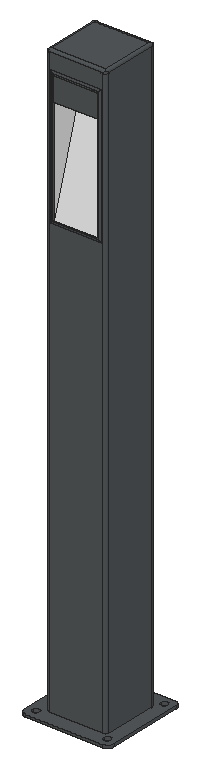
Revit family "svetilnik_alfresco_ar deko_dtu19", category Lighting Fixtures, Revit 2016 (continued)
Definition of nested family "Источник света Ар_Деко"
  Types (5, lengths in mm): name | Photometric Web File | built-in parameter 1150142
       0.0       0.0       0.3       0.2       0.2       0.1       0.1       0.1\r\n       0.2       0.3       0.3       0.2       0.2       0.2       0.9      18.6\r\n      64.3     124.3     163.7     200.8     230.4     264.2     300.1     344.6\r\n     398.3     457.3     476.3     480.9     480.4     479.9     480.4     480.0\r\n     476.7     473.6     471.9     468.2     468.4     467.0     463.8     462.0\r\n     462.5     459.5     455.3     452.7     446.4     443.4     441.4     438.4\r\n     433.6     429.2     429.6     424.7     415.7     409.0     404.3     399.5\r\n     392.6     385.3     377.4     362.8     340.2     311.1     282.3     265.5\r\n     251.1     233.7     220.5     209.4     194.9     179.6     165.0     155.1\r\n     139.2     124.2     116.9     104.3      88.7      75.3      57.4      49.3\r\n      36.6      23.3       7.2       1.0       0.2       0.2       0.2       0.2\r\n       0.2       0.2       0.2       0.2       0.2       0.2       0.2       0.2\r\n       0.2       0.2       0.2       0.2       0.2       0.2       0.2       0.2\r\n       0.2       0.2       0.2       0.2       0.2       0.2       0.2       0.2\r\n       0.2       0.2       0.2       0.2       0.2       0.2       0.2       0.2\r\n       0.2       0.2       0.2       0.2       0.2       0.2       0.2       0.2\r\n       0.2       0.2       0.2       0.2       0.2       0.2       0.2       0.2\r\n       0.2       0.2       0.2       0.2       0.2       0.2       0.2       0.2\r\n       0.2       0.2       0.2       0.2       0.2       0.2       0.2       0.2\r\n       0.2       0.2       0.2       0.2       0.2       0.2       0.2       0.2\r\n       0.2       0.2       0.2       0.2       0.2       0.2       0.2       0.2\r\n       0.2       0.2       0.2       0.2       0.1       0.1       0.1       0.1\r\n       0.1       0.1       0.0       0.0       0.0\r\n       0.0       0.0       0.3       0.2       0.2       0.1       0.1       0.1\r\n       0.2       0.3       0.3       0.2       0.2       0.2       0.3       5.4\r\n      33.1      93.3     140.0     176.2     209.2     234.4     260.1     292.9\r\n     329.4     376.3     418.5     437.1     441.8     440.5     437.0     436.4\r\n     441.4     439.0     435.4     434.5     430.6     432.0     430.7     426.2\r\n     422.5     418.1     415.6     412.6     411.2     408.5     404.8     404.8\r\n     401.0     395.1     388.3     381.7     380.5     374.6     367.3     361.6\r\n     357.3     350.0     344.4     336.3     321.7     300.2     271.0     246.0\r\n     228.8     213.1     195.7     179.8     171.8     156.6     144.2     134.2\r\n     124.3     110.5      98.4      88.7      73.7      62.3      51.2      43.1\r\n      33.0      20.4       9.4       1.3       0.2       0.2       0.2       0.2\r\n       0.2       0.2       0.2       0.2       0.2       0.2       0.2       0.2\r\n       0.2       0.2       0.2       0.2       0.2       0.2       0.2       0.2\r\n       0.2       0.2       0.2       0.2       0.2       0.2       0.2       0.2\r\n       0.2       0.2       0.2       0.2       0.2       0.2       0.2       0.2\r\n       0.2       0.2       0.2       0.2       0.2       0.2       0.2       0.2\r\n       0.2       0.2       0.2       0.2       0.2       0.2       0.2       0.2\r\n       0.2       0.2       0.2       0.2       0.2       0.2       0.2       0.2\r\n       0.2       0.2       0.2       0.2       0.2       0.2       0.2       0.2\r\n       0.2       0.2       0.2       0.2       0.2       0.2       0.2       0.2\r\n       0.2       0.2       0.2       0.2       0.2       0.2       0.2       0.2\r\n       0.2       0.2       0.2       0.2       0.1       0.1       0.1       0.1\r\n       0.1       0.1       0.0       0.0       0.0\r\n       0.0       0.0       0.3       0.1       0.2       0.1       0.1       0.1\r\n       0.2       0.3       0.3       0.2       0.2       0.2       0.2       1.3\r\n      12.0      53.9     107.3     150.6     180.5     203.1     224.9     248.8\r\n     275.1     306.4     340.6     381.8     390.2     392.9     394.5     395.5\r\n     393.8     393.6     394.3     394.4     393.4     392.3     391.2     387.8\r\n     388.4     385.5     383.4     381.0     374.7     371.7     367.0     359.5\r\n     357.2     354.1     348.3     344.5     340.7     337.6     332.3     324.6\r\n     316.3     311.1     305.4     298.2     292.2     279.6     256.2     229.9\r\n     206.2     190.8     177.5     160.0     147.7     139.1     124.7     111.5\r\n     103.3      92.9      82.5      75.1      67.1      55.7      44.8      35.5\r\n      29.8      19.2       8.9       1.0       0.2       0.2       0.2       0.2\r\n       0.2       0.2       0.2       0.2       0.2       0.2       0.2       0.2\r\n       0.2       0.2       0.2       0.2       0.2       0.2       0.2       0.2\r\n       0.2       0.2       0.2       0.2       0.2       0.2       0.2       0.2\r\n       0.2       0.2       0.2       0.2       0.2       0.2       0.2       0.2\r\n       0.2       0.2       0.2       0.2       0.2       0.2       0.2       0.2\r\n       0.2       0.2       0.2       0.2       0.2       0.2       0.2       0.2\r\n       0.2       0.2       0.2       0.2       0.2       0.2       0.2       0.2\r\n       0.2       0.2       0.2       0.2       0.2       0.2       0.2       0.2\r\n       0.2       0.2       0.2       0.2       0.2       0.2       0.2       0.2\r\n       0.2       0.2       0.2       0.2       0.2       0.2       0.2       0.2\r\n       0.2       0.2       0.2       0.2       0.1       0.1       0.1       0.1\r\n       0.1       0.1       0.0       0.0       0.0\r\n       0.0       0.0       0.2       0.1       0.2       0.1       0.1       0.1\r\n       0.2       0.3       0.3       0.2       0.2       0.2       0.2       0.4\r\n       2.7      21.8      61.9     119.1     150.9     174.8     199.0     218.7\r\n     241.6     271.2     298.0     327.0     345.1     357.2     361.2     359.9\r\n     356.8     359.4     360.9     359.2     356.4     356.5     352.2     352.7\r\n     351.6     346.7     345.3     343.2     341.4     336.0     331.6     330.5\r\n     326.7     323.6     319.4     314.3     310.3     305.0     300.7     295.0\r\n     291.4     286.2     281.7     277.5     270.7     263.2     252.3     230.9\r\n     203.4     178.5     162.6     150.4     135.9     125.5     116.1     103.9\r\n      92.8      86.4      75.7      66.0      60.1      50.5      41.5      31.8\r\n      25.5      17.4       7.2       0.5       0.2       0.2       0.2       0.2\r\n       0.2       0.2       0.2       0.2       0.2       0.2       0.2       0.2\r\n       0.2       0.2       0.2       0.2       0.2       0.2       0.2       0.2\r\n       0.2       0.2       0.2       0.2       0.2       0.2       0.2       0.2\r\n       0.2       0.2       0.2       0.2       0.2       0.2       0.2       0.2\r\n       0.2       0.2       0.2       0.2       0.2       0.2       0.2       0.2\r\n       0.2       0.2       0.2       0.2       0.2       0.2       0.2       0.2\r\n       0.2       0.2       0.2       0.2       0.2       0.2       0.2       0.2\r\n       0.2       0.2       0.2       0.2       0.2       0.2       0.2       0.2\r\n       0.2       0.2       0.2       0.2       0.2       0.2       0.2       0.2\r\n       0.2       0.2       0.2       0.2       0.2       0.2       0.2       0.2\r\n       0.2       0.2       0.2       0.2       0.1       0.1       0.1       0.1\r\n       0.1       0.1       0.0       0.0       0.0\r\n       0.0       0.0       0.2       0.1       0.2       0.1       0.1       0.1\r\n       0.2       0.3       0.3       0.2       0.2       0.2       0.2       0.3\r\n       0.5       6.2      24.7      71.4     113.4     143.0     167.0     188.5\r\n     207.8     232.7     253.2     275.6     290.2     320.6     327.5     326.3\r\n     325.1     322.7     323.3     324.1     323.8     323.4     322.2     318.9\r\n     316.5     317.5     312.1     311.0     309.5     304.9     302.4     299.0\r\n     296.6     293.9     290.8     287.1     282.3     276.4     271.9     269.6\r\n     263.5     258.6     253.0     246.6     240.9     234.2     227.4     217.1\r\n     201.3     176.6     153.0     136.8     125.6     114.7     105.7      97.7\r\n      86.7      77.5      71.8      61.8      52.9      46.9      37.6      28.6\r\n      20.8      15.3       7.9       1.4       0.4       0.2       0.2       0.2\r\n       0.2       0.2       0.2       0.2       0.2       0.2       0.2       0.2\r\n       0.2       0.2       0.2       0.2       0.2       0.2       0.2       0.2\r\n       0.2       0.2       0.2       0.2       0.2       0.2       0.2       0.2\r\n       0.2       0.2       0.2       0.2       0.2       0.2       0.2       0.2\r\n       0.2       0.2       0.2       0.2       0.2       0.2       0.2       0.2\r\n       0.2       0.2       0.2       0.2       0.2       0.2       0.2       0.2\r\n       0.2       0.2       0.2       0.2       0.2       0.2       0.2       0.2\r\n       0.2       0.2       0.2       0.2       0.2       0.2       0.2       0.2\r\n       0.2       0.2       0.2       0.2       0.2       0.2       0.2       0.2\r\n       0.2       0.2       0.2       0.2       0.2       0.2       0.2       0.2\r\n       0.2       0.2       0.2       0.2       0.1       0.1       0.1       0.1\r\n       0.1       0.1       0.0       0.0       0.0\r\n       0.0       0.0       0.2       0.1       0.2       0.1       0.1       0.1\r\n       0.2       0.3       0.3       0.2       0.2       0.2       0.2       0.2\r\n       0.2       1.3       6.2      26.9      64.2      98.8     124.6     146.8\r\n     170.4     192.0     209.9     231.7     246.4     259.3     281.1     297.6\r\n     302.1     301.5     298.3     295.5     294.6     292.8     290.9     290.0\r\n     287.7     283.3     279.6     276.1     276.7     275.4     271.3     269.6\r\n     264.1     261.3     259.9     255.9     252.6     249.4     244.6     240.2\r\n     235.0     230.4     225.5     221.3     216.0     210.4     205.2     199.0\r\n     191.3     175.7     154.8     131.1     115.9     104.6      94.9      86.8\r\n      79.3      69.7      62.4      55.3      46.8      40.2      33.5      24.4\r\n      17.7      14.5       8.8       2.3       0.3       0.2       0.2       0.2\r\n       0.2       0.2       0.2       0.2       0.2       0.2       0.2       0.2\r\n       0.2       0.2       0.2       0.2       0.2       0.2       0.2       0.2\r\n       0.2       0.2       0.2       0.2       0.2       0.2       0.2       0.2\r\n       0.2       0.2       0.2       0.2       0.2       0.2       0.2       0.2\r\n       0.2       0.2       0.2       0.2       0.2       0.2       0.2       0.2\r\n       0.2       0.2       0.2       0.2       0.2       0.2       0.2       0.2\r\n       0.2       0.2       0.2       0.2       0.2       0.2       0.2       0.2\r\n       0.2       0.2       0.2       0.2       0.2       0.2       0.2       0.2\r\n       0.2       0.2       0.2       0.2       0.2       0.2       0.2       0.2\r\n       0.2       0.2       0.2       0.2       0.2       0.2       0.2       0.2\r\n       0.2       0.2       0.2       0.2       0.1       0.1       0.1       0.1\r\n       0.1       0.1       0.0       0.0       0.0\r\n       0.0       0.0       0.2       0.1       0.2       0.1       0.1       0.1\r\n       0.2       0.3       0.3       0.2       0.2       0.2       0.2       0.2\r\n       0.2       0.3       0.9       6.2      25.3      53.4      78.7     101.5\r\n     120.8     139.0     154.0     166.3     184.3     202.3     219.1     242.6\r\n     265.5     266.8     266.7     267.6     265.1     260.7     259.5     257.2\r\n     252.9     251.9     249.1     245.6     241.0     240.2     237.0     234.2\r\n     230.4     225.9     223.1     220.8     216.6     215.2     210.2     208.4\r\n     205.5     200.8     197.1     192.1     187.8     183.4     179.6     174.4\r\n     169.8     164.0     153.8     138.1     118.9     104.0      93.9      83.3\r\n      74.7      67.5      58.4      51.9      44.6      37.6      31.8      26.1\r\n      20.1      15.2      10.8       5.7       1.1       0.2       0.2       0.2\r\n       0.2       0.2       0.2       0.2       0.2       0.2       0.2       0.2\r\n       0.2       0.2       0.2       0.2       0.2       0.2       0.2       0.2\r\n       0.2       0.2       0.2       0.2       0.2       0.2       0.2       0.2\r\n       0.2       0.2       0.2       0.2       0.2       0.2       0.2       0.2\r\n       0.2       0.2       0.2       0.2       0.2       0.2       0.2       0.2\r\n       0.2       0.2       0.2       0.2       0.2       0.2       0.2       0.2\r\n       0.2       0.2       0.2       0.2       0.2       0.2       0.2       0.2\r\n       0.2       0.2       0.2       0.2       0.2       0.2       0.2       0.2\r\n       0.2       0.2       0.2       0.2       0.2       0.2       0.2       0.2\r\n       0.2       0.2       0.2       0.2       0.2       0.2       0.2       0.2\r\n       0.2       0.2       0.2       0.2       0.1       0.1       0.1       0.1\r\n       0.1       0.1       0.0       0.0       0.0\r\n       0.0       0.0       0.2       0.1       0.2       0.1       0.1       0.1\r\n       0.2       0.3       0.3       0.2       0.2       0.2       0.2       0.2\r\n       0.2       0.2       0.3       1.0       5.7      15.4      33.4      55.7\r\n      76.1      91.4     101.3     110.0     123.4     134.0     147.0     167.2\r\n     182.8     210.0     224.3     230.4     232.1     230.1     226.7     223.2\r\n     222.4     220.5     218.8     215.4     212.3     208.9     205.1     200.5\r\n     198.6     196.2     191.3     188.5     185.6     181.3     178.8     173.3\r\n     168.5     165.9     162.4     157.7     154.8     152.3     147.2     143.0\r\n     138.7     133.4     127.8     119.8     107.4      94.1      82.9      75.2\r\n      66.0      59.5      53.5      45.8      41.6      34.8      30.1      24.8\r\n      19.5      14.1      10.1       5.6       1.6       0.2       0.2       0.2\r\n       0.2       0.2       0.2       0.2       0.2       0.2       0.2       0.2\r\n       0.2       0.2       0.2       0.2       0.2       0.2       0.2       0.2\r\n       0.2       0.2       0.2       0.2       0.2       0.2       0.2       0.2\r\n       0.2       0.2       0.2       0.2       0.2       0.2       0.2       0.2\r\n       0.2       0.2       0.2       0.2       0.2       0.2       0.2       0.2\r\n       0.2       0.2       0.2       0.2       0.2       0.2       0.2       0.2\r\n       0.2       0.2       0.2       0.2       0.2       0.2       0.2       0.2\r\n       0.2       0.2       0.2       0.2       0.2       0.2       0.2       0.2\r\n       0.2       0.2       0.2       0.2       0.2       0.2       0.2       0.2\r\n       0.2       0.2       0.2       0.2       0.2       0.2       0.2       0.2\r\n       0.2       0.1       0.2       0.2       0.1       0.1       0.1       0.1\r\n       0.1       0.1       0.0       0.0       0.0\r\n       0.0       0.0       0.2       0.1       0.1       0.1       0.1       0.1\r\n       0.2       0.3       0.2       0.2       0.2       0.2       0.2       0.2\r\n       0.2       0.2       0.2       0.3       0.7       1.9       8.6      20.7\r\n      38.2      53.6      69.1      78.4      89.4      99.3     108.2     124.7\r\n     139.2     150.6     170.2     187.4     196.5     201.1     201.3     202.0\r\n     198.9     196.5     193.8     190.7     189.6     186.4     184.1     182.6\r\n     179.8     175.9     173.3     170.4     166.8     164.8     162.5     159.8\r\n     157.0     152.6     148.6     145.2     140.9     137.2     133.5     129.4\r\n     125.3     120.6     115.8     111.9     107.1      97.6      86.5      75.2\r\n      67.2      60.0      53.7      48.2      41.8      36.3      31.4      25.8\r\n      21.4      16.1      11.7       8.2       3.2       0.6       0.2       0.2\r\n       0.2       0.2       0.2       0.2       0.2       0.2       0.2       0.2\r\n       0.2       0.2       0.2       0.2       0.2       0.2       0.2       0.2\r\n       0.2       0.2       0.2       0.2       0.2       0.2       0.2       0.2\r\n       0.2
             0.2       0.2       0.2       0.2       0.2       0.2       0.2\r\n       0.2       0.2       0.2       0.2       0.2       0.2       0.2       0.2\r\n       0.2       0.2       0.2       0.2       0.2       0.2       0.2       0.2\r\n       0.2       0.2       0.2       0.2       0.2       0.2       0.2       0.2\r\n       0.2       0.2       0.2       0.2       0.2       0.2       0.2       0.2\r\n       0.2       0.2       0.2       0.2       0.2       0.2       0.2       0.2\r\n       0.2       0.2       0.2       0.2       0.2       0.2       0.2       0.2\r\n       0.2       0.1       0.1       0.2       0.1       0.1       0.1       0.1\r\n       0.1       0.1       0.0       0.0       0.0\r\n       0.0       0.0       0.2       0.1       0.1       0.1       0.1       0.1\r\n       0.2       0.3       0.2       0.2       0.2       0.2       0.2       0.2\r\n       0.2       0.2       0.2       0.2       0.2       0.3       1.3       3.6\r\n      10.0      17.1      40.0      56.4      68.6      79.0      87.5      97.4\r\n     107.3     118.9     132.1     141.1     157.2     173.8     181.2     191.7\r\n     190.9     190.7     187.8     187.4     184.6     182.9     180.9     176.5\r\n     173.2     170.9     168.8     166.4     163.0     160.2     156.6     153.7\r\n     149.8     145.1     141.7     138.6     135.2     131.5     127.0     123.0\r\n     118.3     114.2     109.5     105.5     101.3      96.5      89.5      79.0\r\n      67.9      58.9      52.7      46.2      40.9      34.4      29.9      23.7\r\n      20.6      15.8      11.1       7.6       3.5       0.5       0.2       0.2\r\n       0.2       0.2       0.2       0.2       0.2       0.2       0.2       0.2\r\n       0.2       0.2       0.2       0.2       0.2       0.2       0.2       0.2\r\n       0.2       0.2       0.2       0.2       0.2       0.2       0.2       0.2\r\n       0.2       0.2       0.2       0.2       0.2       0.2       0.2       0.2\r\n       0.2       0.2       0.2       0.2       0.2       0.2       0.2       0.2\r\n       0.2       0.2       0.2       0.2       0.2       0.2       0.2       0.2\r\n       0.2       0.2       0.2       0.2       0.2       0.2       0.2       0.2\r\n       0.2       0.2       0.2       0.2       0.2       0.2       0.2       0.2\r\n       0.2       0.2       0.2       0.2       0.2       0.2       0.2       0.2\r\n       0.2       0.2       0.2       0.2       0.2       0.2       0.2       0.2\r\n       0.2       0.1       0.1       0.2       0.1       0.1       0.1       0.1\r\n       0.1       0.1       0.0       0.0       0.0\r\n       0.0       0.0       0.2       0.1       0.1       0.1       0.1       0.1\r\n       0.2       0.3       0.2       0.2       0.2       0.2       0.2       0.2\r\n       0.2       0.2       0.2       0.2       0.2       0.2       0.3       0.3\r\n       1.2       3.5      10.6      18.6      38.5      49.6      59.8      69.8\r\n      81.6      92.1     100.2     110.6     122.2     135.2     152.3     162.8\r\n     169.4     176.4     182.5     181.1     180.5     177.5     174.8     173.6\r\n     170.0     166.8     162.3     157.9     154.0     150.7     148.2     144.8\r\n     140.2     135.8     132.5     129.1     125.9     122.0     117.4     113.3\r\n     109.1     104.7     100.7      96.8      92.7      88.3      83.3      78.3\r\n      71.0      61.1      51.7      44.9      38.4      33.5      27.6      24.0\r\n      19.0      15.7      11.3       7.5       4.7       1.7       0.4       0.2\r\n       0.2       0.2       0.2       0.2       0.2       0.2       0.2       0.2\r\n       0.2       0.2       0.2       0.2       0.2       0.2       0.2       0.2\r\n       0.2       0.2       0.2       0.2       0.2       0.2       0.2       0.2\r\n       0.2       0.2       0.2       0.2       0.2       0.2       0.2       0.2\r\n       0.2       0.2       0.2       0.2       0.2       0.2       0.2       0.2\r\n       0.2       0.2       0.2       0.2       0.2       0.2       0.2       0.2\r\n       0.2       0.2       0.2       0.2       0.2       0.2       0.2       0.2\r\n       0.2       0.2       0.2       0.2       0.2       0.2       0.2       0.2\r\n       0.2       0.2       0.2       0.2       0.2       0.2       0.2       0.2\r\n       0.2       0.2       0.2       0.2       0.2       0.2       0.2       0.2\r\n       0.2       0.1       0.1       0.2       0.1       0.1       0.1       0.1\r\n       0.1       0.1       0.0       0.0       0.0\r\n       0.0       0.0       0.2       0.1       0.1       0.1       0.1       0.1\r\n       0.2       0.3       0.2       0.2       0.2       0.2       0.2       0.2\r\n       0.2       0.2       0.2       0.2       0.2       0.2       0.2       0.2\r\n       0.2       0.6       1.2       2.3       6.1      21.1      31.6      40.6\r\n      54.9      66.2      76.5      82.7      90.2      99.3     108.0     114.3\r\n     116.9     126.4     129.4     127.7     125.0     123.2     119.6     117.0\r\n     115.0     113.8     111.1     110.3     111.3     111.6     110.2     108.3\r\n     106.7     105.5     103.0     100.2      97.3      94.0      91.5      88.4\r\n      85.1      81.9      78.8      75.6      71.8      68.2      64.4      60.2\r\n      56.2      50.2      42.6      34.2      27.7      23.3      19.6      15.3\r\n      12.3       9.0       6.6       3.9       2.2       0.6       0.2       0.2\r\n       0.2       0.2       0.2       0.2       0.2       0.2       0.2       0.2\r\n       0.2       0.2       0.2       0.2       0.2       0.2       0.2       0.2\r\n       0.2       0.2       0.2       0.2       0.2       0.2       0.2       0.2\r\n       0.2       0.2       0.2       0.2       0.2       0.2       0.2       0.2\r\n       0.2       0.2       0.2       0.2       0.2       0.2       0.2       0.2\r\n       0.2       0.2       0.2       0.2       0.2       0.2       0.2       0.2\r\n       0.2       0.2       0.2       0.2       0.2       0.2       0.2       0.2\r\n       0.2       0.2       0.2       0.2       0.2       0.2       0.2       0.2\r\n       0.2       0.2       0.2       0.2       0.2       0.2       0.2       0.2\r\n       0.2       0.2       0.2       0.2       0.2       0.2       0.2       0.2\r\n       0.2       0.1       0.1       0.2       0.1       0.1       0.1       0.1\r\n       0.1       0.1       0.0       0.0       0.0\r\n       0.0       0.0       0.2       0.1       0.1       0.1       0.1       0.1\r\n       0.2       0.3       0.2       0.2       0.2       0.2       0.2       0.2\r\n       0.2       0.2       0.2       0.2       0.2       0.2       0.2       0.2\r\n       0.2       0.2       0.2       0.2       0.4       2.5       3.7      10.9\r\n      18.7      24.8      39.3      54.0      61.9      70.8      74.3      78.5\r\n      82.3      87.6      89.2      88.3      87.5      84.5      82.3      80.1\r\n      77.8      76.9      75.9      74.6      72.8      71.9      70.8      68.9\r\n      66.6      65.0      63.5      62.7      61.3      59.3      57.7      55.9\r\n      54.1      52.6      50.3      47.7      45.3      43.3      41.0      38.1\r\n      35.3      32.8      30.2      26.3      20.0      14.6      10.6       7.4\r\n       5.3       3.4       2.0       1.2       0.4       0.2       0.2       0.2\r\n       0.2       0.2       0.2       0.2       0.2       0.2       0.2       0.2\r\n       0.2       0.2       0.2       0.2       0.2       0.2       0.2       0.2\r\n       0.2       0.2       0.2       0.2       0.2       0.2       0.2       0.2\r\n       0.2       0.2       0.2       0.2       0.2       0.2       0.2       0.2\r\n       0.2       0.2       0.2       0.2       0.2       0.2       0.2       0.2\r\n       0.2       0.2       0.2       0.2       0.2       0.2       0.2       0.2\r\n       0.2       0.2       0.2       0.2       0.2       0.2       0.2       0.2\r\n       0.2       0.2       0.2       0.2       0.2       0.2       0.2       0.2\r\n       0.2       0.2       0.2       0.2       0.2       0.2       0.2       0.2\r\n       0.3       0.3       0.2       0.2       0.2       0.2       0.2       0.2\r\n       0.2       0.1       0.1       0.2       0.1       0.1       0.1       0.1\r\n       0.1       0.1       0.0       0.0       0.0\r\n       0.0       0.0       0.2       0.1       0.1       0.1       0.1       0.1\r\n       0.2       0.3       0.2       0.2       0.2       0.2       0.2       0.2\r\n       0.2       0.2       0.2       0.2       0.2       0.2       0.2       0.2\r\n       0.2       0.2       0.2       0.2       0.2       0.2       0.2       1.0\r\n       1.7       5.4      10.8      10.5      17.5      38.3      42.5      44.2\r\n      46.3      48.2      49.8      48.8      45.9      44.1      42.7      42.3\r\n      43.4      43.0      42.0      41.2      41.0      40.0      39.1      38.4\r\n      38.4      39.1      39.1      37.9      36.7      35.9      34.6      33.2\r\n      31.7      30.2      28.7      26.7      25.1      23.7      22.3      20.9\r\n      19.5      18.3      17.2      15.9      14.3      10.5       5.3       3.4\r\n       2.3       1.2       0.5       0.3       0.2       0.2       0.2       0.2\r\n       0.2       0.2       0.2       0.2       0.2       0.2       0.2       0.2\r\n       0.2       0.2       0.2       0.2       0.2       0.2       0.2       0.2\r\n       0.2       0.2       0.2       0.2       0.2       0.2       0.2       0.2\r\n       0.2       0.2       0.2       0.2       0.2       0.2       0.2       0.2\r\n       0.2       0.2       0.2       0.2       0.2       0.2       0.2       0.2\r\n       0.2       0.2       0.2       0.2       0.2       0.2       0.2       0.2\r\n       0.2       0.2       0.2       0.2       0.2       0.2       0.2       0.2\r\n       0.2       0.2       0.2       0.2       0.2       0.2       0.2       0.2\r\n       0.2       0.2       0.2       0.2       0.2       0.2       0.2       0.2\r\n       0.3       0.3       0.2       0.2       0.2       0.2       0.2       0.2\r\n       0.2       0.1       0.1       0.2       0.1       0.1       0.1       0.1\r\n       0.1       0.1       0.0       0.0       0.0\r\n       0.0       0.0       0.2       0.1       0.1       0.1       0.1       0.1\r\n       0.2       0.3       0.2       0.2       0.2       0.2       0.2       0.2\r\n       0.2       0.2       0.2       0.2       0.2       0.2       0.2       0.2\r\n       0.2       0.2       0.2       0.2       0.2       0.2       0.2       0.2\r\n       0.2       0.5       0.9       0.7       1.6       2.6       3.1       2.1\r\n       2.4       3.3       4.8       6.5       8.1       9.6      11.1      12.3\r\n      13.3      13.0      13.1      11.9      10.3       8.4       7.4       7.0\r\n       6.7       5.6       4.5       3.9       3.7       3.6       3.3       2.7\r\n       2.2       1.6       1.0       0.7       0.4       0.4       0.4       0.4\r\n       0.4       0.5       0.5       0.5       0.6       0.5       0.5       0.3\r\n       0.2       0.2       0.2       0.2       0.2       0.2       0.2       0.2\r\n       0.2       0.2       0.2       0.2       0.2       0.2       0.2       0.2\r\n       0.2       0.2       0.2       0.2       0.2       0.2       0.2       0.2\r\n       0.2       0.2       0.2       0.2       0.2       0.2       0.2       0.2\r\n       0.2       0.2       0.2       0.2       0.2       0.2       0.2       0.2\r\n       0.2       0.2       0.2       0.2       0.2       0.2       0.2       0.2\r\n       0.2       0.2       0.2       0.2       0.2       0.2       0.2       0.2\r\n       0.2       0.2       0.2       0.2       0.2       0.2       0.2       0.2\r\n       0.2       0.2       0.2       0.2       0.2       0.2       0.2       0.2\r\n       0.2       0.2       0.2       0.2       0.2       0.2       0.2       0.2\r\n       0.2       0.2       0.2       0.2       0.2       0.2       0.2       0.2\r\n       0.2       0.1       0.1       0.1       0.1       0.1       0.1       0.1\r\n       0.1       0.1       0.0       0.0       0.0\r\n       0.0       0.0       0.2       0.1       0.1       0.1       0.1       0.1\r\n       0.2       0.3       0.2       0.2       0.2       0.2       0.2       0.2\r\n       0.2       0.2       0.2       0.2       0.2       0.2       0.2       0.2\r\n       0.2       0.2       0.2       0.2       0.2       0.2       0.2       0.2\r\n       0.2       0.2       0.2       0.2       0.2       0.2       0.3       0.2\r\n       0.2       0.2       0.3       0.3       0.4       0.4       0.4       0.4\r\n       0.4       0.3       0.3       0.3       0.3       0.3       0.3       0.3\r\n       0.2       0.2       0.2       0.2       0.2       0.2       0.2       0.2\r\n       0.2       0.2       0.2       0.2       0.2       0.2       0.2       0.2\r\n       0.2       0.2       0.2       0.2       0.2       0.2       0.2       0.2\r\n       0.2       0.2       0.2       0.2       0.2       0.2       0.2       0.2\r\n       0.2       0.2       0.2       0.2       0.2       0.2       0.2       0.2\r\n       0.2       0.2       0.2       0.2       0.2       0.2       0.2       0.2\r\n       0.2       0.2       0.2       0.2       0.2       0.2       0.2       0.2\r\n       0.2       0.2       0.2       0.2       0.2       0.2       0.2       0.2\r\n       0.2       0.2       0.2       0.2       0.2       0.2       0.2       0.2\r\n       0.2       0.2       0.2       0.2       0.2       0.2       0.2       0.2\r\n       0.2       0.2       0.2       0.2       0.2       0.2       0.2       0.2\r\n       0.2       0.2       0.2       0.2       0.2       0.2       0.2       0.2\r\n       0.2       0.2       0.2       0.2       0.2       0.2       0.2       0.2\r\n       0.2       0.2       0.2       0.2       0.2       0.2       0.2       0.2\r\n       0.2       0.1       0.1       0.1       0.1       0.1       0.1       0.1\r\n       0.1       0.1       0.0       0.0       0.0\r\n       0.0       0.0       0.1       0.1       0.1       0.1       0.1       0.1\r\n       0.2       0.3       0.2       0.2       0.2       0.2       0.2       0.2\r\n       0.2       0.2       0.2       0.2       0.2       0.2       0.2       0.2\r\n       0.2       0.2       0.2       0.2       0.2       0.2       0.2       0.2\r\n       0.2       0.2       0.2       0.2       0.2       0.2       0.2       0.2\r\n       0.2       0.2       0.2       0.2       0.2       0.2       0.2       0.2\r\n       0.2       0.2       0.2       0.2       0.2       0.2       0.2       0.2\r\n       0.2       0.2       0.2       0.2       0.2       0.2       0.2       0.2\r\n       0.2       0.2       0.2       0.2       0.2       0.2       0.2       0.2\r\n       0.2       0.2       0.2       0.2       0.2       0.2       0.2       0.2\r\n       0.2       0.2       0.2       0.2       0.2       0.2       0.2       0.2\r\n       0.2       0.2       0.2       0.2       0.2       0.2       0.2       0.2\r\n       0.2       0.2       0.2       0.2       0.2       0.2       0.2       0.2\r\n       0.2       0.2       0.2       0.2       0.2       0.2       0.2       0.2\r\n       0.2       0.2       0.2       0.2       0.2       0.2       0.2       0.2\r\n       0.2       0.2       0.2       0.2       0.2       0.2       0.2       0.2\r\n       0.2       0.2       0.2       0.2       0.2       0.2       0.2       0.2\r\n       0.2       0.2       0.2       0.2       0.2       0.2       0.2       0.2\r\n       0.2       0.2       0.2       0.2       0.2       0.2       0.2       0.2\r\n       0.2       0.2       0.2       0.2       0.2       0.2       0.2       0.2\r\n       0.2       0.2       0.2       0.2       0.2       0.2       0.2       0.2\r\n       0.2       0.1       0.1       0.1       0.1       0.1       0.1       0.1\r\n       0.1       0.1       0.0       0.0       0.0\r\n       0.0       0.0       0.1       0.1       0.1       0.1       0.1       0.1\r\n       0.2       0.3       0.2       0.2       0.2       0.2       0.2       0.2\r\n       0.2       0.2       0.2       0.2       0.2       0.2       0.2       0.2\r\n       0.2       0.2       0.2       0.2       0.2       0.2       0.2       0.2\r\n       0.2       0.2       0.2       0.2       0.2       0.2       0.2       0.2\r\n       0.2       0.2       0.2       0.2    
